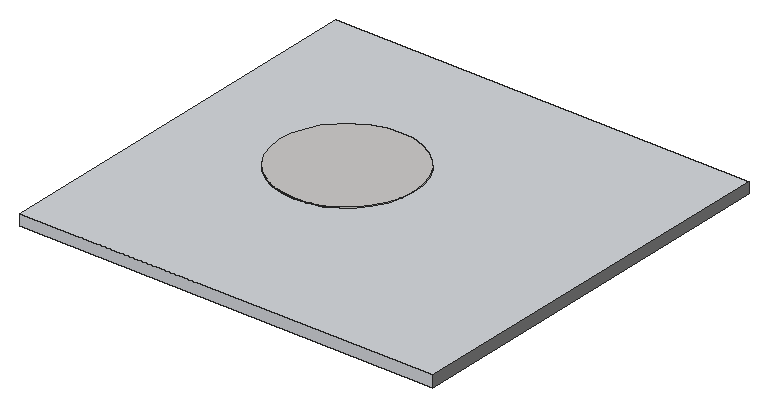
Revit family "PRESTO ARTE-IE", category Aparatos sanitarios, Revit 2015
Parameters (values of type "19700")
  URL = "http://www.prestoiberica.com/inodoro/temporizada-arte/presto-arte-ie-2d?c=es"
  Teléfono = "(+34) 915 782 575"
  TIPO DE AGUA = ""
  REFERENCIA = "19700"
  Presión Máxima = ""
  PESO BRUTO = "2.520 Kg"
  Modelo = "PRESTO ARTE IE"
  Material = Persto Ibérica: ACERO INOXIDABLE
  Imagen de tipo = <Ninguno>
  Fabricante = "PRESTO IBÉRICA"
  Default Elevation = 1219.2 mm
  ENTRADA = "Macho 1\""
  Descripción = "Fluxor temporizado ecológico silencioso para encastrar en muro, cuerpo de latón niquelado y caja de empotrar con protección antioxidante. Dispositivo antiSifónico incorporado."
  Código de montaje = "C1030220"
  Contacto = "info@prestoiberica.com"
  Conexión AF = yes
  Conexión AC = yes
  Comentarios de tipo = "◦Llave de paso incorporada\r\n◦Suministrado con tuerca y casquillo para tubo de Ø 28 mm\r\n◦Con dispositivo antiSifónico que asegura la protección de la red de agua potable\r\n◦contra las eventuales absorciones de agua contaminada\r\n◦Cabeza intercambiable que comprende todo el mecanismo del fluxor interior\r\n◦Pulsadores y tapa en acero inoxidable\r\n◦Caja de empotrar y placa de fijación intermedia fabricadas con protección antioxidante\r\n◦Sistema de Regulación para corregir distancias entre la caja de empotrar y la tapa en la instalación\r\n◦Cuerpo del fluxor en latón niquelado con piezas interiores en materiales resistentes a la corrosión y a las incrustaciones calcáreas\r\n◦Compatible con todos los bastidores de soporte Presto\r\n◦Sistema de salida dirigida para reducir la sonoridad\r\n◦Adaptable a espacios donde estaba instalado el fluxor 1000 A."
  CIERRE = ""
  CAUDAL = "1.2 L/Min"
  Accionamiento = "Por pulsador"
Reference planes
  plane 1 "Centro (Frontal/Posterior)": y = 0
  plane 2: z = 0
  plane 3 "Centro (Izquierda/Derecha)": x = 0
Forms (mm)
  Extrusion 1, solid
    sketch origin (0, 0, 0) x (1, 0, 0) y (0, 1, 0)
      loop
        line (-85, 100) -> (-85, -77) -> (100, -77) -> (100, 100) -> (-85, 100)
    from 0 to -5
  Extrusion 2, solid, material "Persto Ibérica: ACERO INOXIDABLE"
    sketch origin (21.266, 9.469, 14.999) x (0.034899, 0.999391, 0) y (-0.999391, 0.034899, 0)
      loop
        circle (-10.206, 20.922) r 30
    from 0.1 to 0.4
Dimensions and locks
  Extrusion 1 sketch curve to plane 1 "Centro (Frontal/Posterior)" = 77 mm
  aligned and locked: plane 2 to Extrusion 1
  aligned and locked: level to Extrusion 1
Connectors
  piping at (84.8, -16.5, -45.037), diameter 25.4
    settings: on import instance, index 1, connector inside diameter 609.6 mm, connector length 0 mm, flow factor 0, pipe flow 0.0 L/s, pressure drop 0.0 Pa, fitting loss kfactor 0, connector angle 0.00°, fixture units 0, engagement length 0 mm, angle of deflection 0.00°, flow configuration 0, flow direction 1, fitting loss method 0, system type 20, joint type 0, gender type 0, connector reference index -1, connector utility 0, adjustable connector no, is connector primary yes, connector description ""
